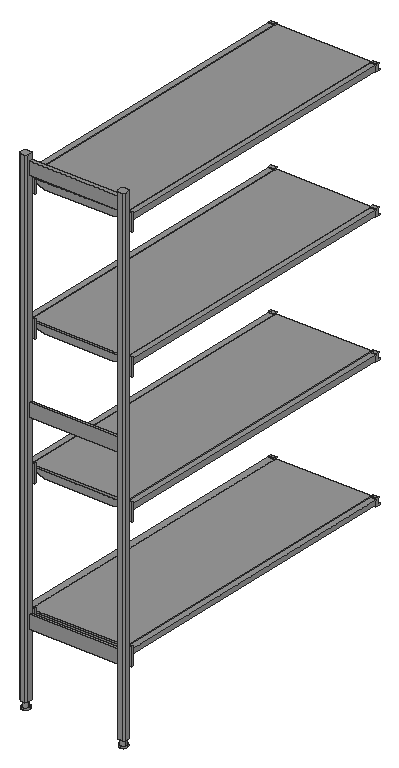
Revit family "QF_ELECTROLUXPROFESSIONAL_137054_ACS1094", category Attrezzature speciali, Revit 2020
Family settings
  Quota connettore circolare = Usa diametro
  Tipo di parte = Normale
  Basato su piano di lavoro = No
  Sempre verticale = Sì
  Taglio con vuoti quando caricato = No
  Condiviso = No
  Punto di calcolo locali = No
Parameters (values of type "Standard")
  Weight = 17.00 kg
  Watts = 0 W
  Volts = 0 V
  URL Manufacturer = "https://www.electroluxprofessional.com/"
  URL = "https://www.electroluxprofessional.com/"
  Steam Supply Size = 0 mm
  Steam Supply Minimum Pressure = 0.0 Pa
  Steam Supply Maximum Pressure = 0.0 Pa
  Steam Consumption per Hour = 0
  Refrigeration Suction Line Size = 0.0 mm
  Refrigeration Liquid Line Size = 0.0 mm
  Refrigerant Compressor Remote = yes
  Prospetto di default = 0.0 mm
  Phase = 0
  Modello = "ACS1094"
  Produttore = "Electrolux Professional"
  Length Actual = 1098.0 mm  # constant formula
  Item Number = "137054"
  Hot Water Size = 0 mm
  Height Actual = 1700.0 mm  # constant formula
  HP = "0 HP"
  Gas Size = 0 mm
  Gas KW = 0
  Gas Input Pressure = 0 W
  Direct Waste Size = 0 mm
  Descrizione = "ALUM.CORNER SHELV.-POLY.TIERS-373X1098MM"
  Depth Actual = 373.0 mm  # constant formula
  Cycle = 0 Hz
  Condensate Return Size = 0 mm
  Compressed Air Volume = 0.0 L/s
  Compressed Air Size = 0 mm
  Compressed Air Pressure = 0.0 Pa
  Cold Water Size = 0 mm
  Accessory = yes
Reference planes
  plane 1: z = 0
  plane 2 "Center (F/B)": y = -163.5
  plane 3 "Front": y = -549.5
  plane 4 "Left": x = -217.5
  plane 5 "Right": x = 155.5
  plane 6 "TOP": z = 1700
  plane 7: y = -517.5
  plane 8: y = 544.5
  plane 9 "Center (Left/Right)": x = -31
  plane 10: y = 539.5
  plane 11: x = -186
  plane 12: x = 124
  plane 13 "FEET": z = 25
  plane 14: z = 275
  plane 15: z = 725
  plane 16: z = 1175
  plane 17: z = 1625
  plane 18 "CXLeft": y = -535.5
  plane 19: x = -200
  plane 20 "CYBack": x = -200
  plane 21 "CYFront": x = 138
  plane 22 "Back": y = 548.5
  plane 23 "LEFT_ORIGIN": x = -251.5
  plane 24 "BACK_Origin": y = 921.5
Forms (mm)
  Extrusion 1, solid, material "QF_Aluminum"
    sketch origin (0, -549.5, 0) x (-1, 0, 0) y (0, 0, 1)
      loop
        line (198.5, 1650.994) -> (198.5, 1632.998) -> (217.5, 1632.998) -> (217.5, 1650.994) -> (198.5, 1650.994)
      loop
        line (-136.5, 1650.994) -> (-155.5, 1650.994) -> (-155.5, 1632.998) -> (-136.5, 1632.998) -> (-136.5, 1650.994)
      loop
        line (198.5, 1200.994) -> (198.5, 1182.998) -> (217.5, 1182.998) -> (217.5, 1200.994) -> (198.5, 1200.994)
      loop
        line (-136.5, 1200.994) -> (-155.5, 1200.994) -> (-155.5, 1182.998) -> (-136.5, 1182.998) -> (-136.5, 1200.994)
      loop
        line (198.5, 750.994) -> (198.5, 732.998) -> (217.5, 732.998) -> (217.5, 750.994) -> (198.5, 750.994)
      loop
        line (-136.5, 750.994) -> (-155.5, 750.994) -> (-155.5, 732.998) -> (-136.5, 732.998) -> (-136.5, 750.994)
      loop
        line (198.5, 300.994) -> (198.5, 282.998) -> (217.5, 282.998) -> (217.5, 300.994) -> (198.5, 300.994)
      loop
        line (-136.5, 300.994) -> (-155.5, 300.994) -> (-155.5, 282.998) -> (-136.5, 282.998) -> (-136.5, 300.994)
    from 32 to 1094
  Extrusion 2, solid, material "QF_Polyethylene"
    sketch origin (0, -549.5, 0) x (-1, 0, 0) y (0, 0, 1)
      loop
        line (196.507, 1650.994) -> (-134.5, 1650.994) -> (-134.5, 1644.496) -> (196.507, 1644.496) -> (196.507, 1650.994)
      loop
        line (196.507, 1200.994) -> (-134.5, 1200.994) -> (-134.5, 1194.496) -> (196.507, 1194.496) -> (196.507, 1200.994)
      loop
        line (196.507, 750.994) -> (-134.5, 750.994) -> (-134.5, 744.496) -> (196.507, 744.496) -> (196.507, 750.994)
      loop
        line (196.507, 300.994) -> (-134.5, 300.994) -> (-134.5, 294.496) -> (196.507, 294.496) -> (196.507, 300.994)
    from 32 to 1094
Lines and regions (mm)
  symbolic lines
    curve 1: line (-198.5, 544.5, 1700) -> (-198.5, -517.5, 1700)
    curve 2: line (-217.5, -521.5, 1700) -> (-217.5, 544.5, 1700)
    curve 3: line (155.5, -521.5, 1700) -> (155.5, 544.5, 1700)
    curve 4: line (-181.507, -517.5, 1700) -> (119.507, -517.5, 1700)
    curve 5: line (136.5, -517.5, 1700) -> (136.5, 544.5, 1700)
    curve 6: line (-198.5, 544.5, 1700) -> (136.5, 544.5, 1700)
Dimensions and locks
  plane 3 "Front" to plane 2 "Center (F/B)" = 386.0 mm
  locked: plane 6 "TOP" to level at 1700
  locked: plane 4 "Left" to plane 5 "Right" at 373
  locked: plane 7 to plane 8 at 1062
  locked: plane 3 "Front" to plane 7 at 32
  plane 10 to plane 8 = 5.0 mm
  locked: plane 11 to plane 12 at 310
  equal spacing: plane 11, plane 9 "Center (Left/Right)", plane 12
  equal spacing: plane 4 "Left", plane 9 "Center (Left/Right)", plane 5 "Right"
  plane 13 "FEET" to level = 25.0 mm
  plane 6 "TOP" to plane 13 "FEET" = 1675.0 mm
  plane 14 to plane 13 "FEET" = 250.0 mm
  plane 15 to plane 14 = 450.0 mm
  plane 16 to plane 15 = 450.0 mm
  plane 17 to plane 16 = 450.0 mm
  locked: plane 3 "Front" to plane 18 "CXLeft" at 14
  locked: plane 3 "Front" to plane 22 "Back" at 1098
  plane 23 "LEFT_ORIGIN" to plane 5 "Right" = 407.0 mm
  locked: plane 22 "Back" to plane 24 "BACK_Origin" at 373
  aligned and locked: level to plane 1
  aligned and locked: Extrusion 2 to plane 7
  aligned and locked: plane 8 to Extrusion 2
  aligned and locked: Extrusion 1 to plane 7
  aligned and locked: plane 8 to Extrusion 1
  aligned and locked: Extrusion 1 sketch curve to Extrusion 1 sketch curve  (x2)
  aligned and locked: nested 1 to plane 18 "CXLeft"
  aligned and locked: nested 2 to plane 10
Automatic sketch dimensions
  curve 2 to plane 4 "Left" = 0.0 mm
  curve 3 to plane 5 "Right" = 0.0 mm
  plane 7 to curve 1 = 0.0 mm
  plane 7 to curve 4 = 0.0 mm
  plane 7 to curve 5 = 0.0 mm
  plane 8 to curve 2 = 0.0 mm
  plane 8 to curve 1 = 0.0 mm
  plane 8 to curve 3 = 0.0 mm
  plane 21 "CYFront" to curve 5 = 1.5 mm
  plane 19 to curve 6 = 1.5 mm
  plane 7 to curve 3 = 4.0 mm
  plane 7 to curve 2 = 4.0 mm
  plane 12 to curve 4 = 4.493 mm
  curve 4 to plane 11 = 4.493 mm
  plane 5 "Right" to Extrusion 1 sketch curve = 0.0 mm  (x4)
  plane 4 "Left" to Extrusion 1 sketch curve = 0.0 mm  (x4)
  plane 21 "CYFront" to Extrusion 1 sketch curve = 1.5 mm  (x2)
  plane 19 to Extrusion 1 sketch curve = 1.5 mm  (x4)
  plane 14 to Extrusion 1 sketch curve = 7.998 mm  (x2)
  Extrusion 1 sketch curve to Extrusion 1 sketch curve = 17.997 mm  (x8)
  plane 15 to Extrusion 1 sketch curve = 7.998 mm  (x2)
  plane 16 to Extrusion 1 sketch curve = 7.998 mm  (x2)
  plane 17 to Extrusion 1 sketch curve = 7.998 mm  (x2)
  plane 21 "CYFront" to Extrusion 2 sketch curve = 3.5 mm  (x4)
  plane 19 to Extrusion 2 sketch curve = 3.493 mm  (x4)
  plane 14 to Extrusion 2 sketch curve = 19.496 mm
  Extrusion 2 sketch curve to Extrusion 2 sketch curve = 6.499 mm  (x4)
  plane 15 to Extrusion 2 sketch curve = 19.496 mm
  plane 16 to Extrusion 2 sketch curve = 19.496 mm
  plane 17 to Extrusion 2 sketch curve = 19.496 mm
Nested families
  nested 1: "WT_Anta373" at (-194.5, -132.5, 0) x (0, 1, 0) z (0, 0, 1), type "WT_Anta373"
  nested 2: "WT_Aggancio373" at (-194.5, 956.5, 0) x (0, 1, 0) z (0, 0, 1), type "WT_Aggancio373"
Definition of nested family "WT_Anta373"
  Parameters
    WidthLeft = A + 64.0 mm  # 772.0 mm
    Width = 1606.0 mm
    Right = WidthLeft / 2  # 386.0 mm
    Default Elevation = 0.0 mm
    Left = -WidthLeft / 2  # -386.0 mm
    Height = 1725.0 mm
    FEET = 25.0 mm
    E = 0.0 mm
    Dint = Depth - 63.0 mm  # 310.0 mm
    Dext = Depth - 8.0 mm  # 365.0 mm
    Depth = 373.0 mm
    DX = (WidthLeft - A) / 2  # 32.0 mm
    B = 798.0 mm
    A = 708.0 mm
  Reference planes
    plane 1: z = 0
    plane 2 "LEFT": x = -417
    plane 3 "BACK": y = 23
    plane 4 "FRONT": y = -350
    plane 5 "TOP": z = 1725
    plane 6 "Center (Front/Back)": y = -163.5
    plane 7: y = -8.5
    plane 8: y = -318.5
    plane 9 "FEET": z = 25
    plane 10: z = 275
    plane 11: z = 725
    plane 12: z = 1175
    plane 13: z = 1625
    plane 14 "CXLeft": x = -403
    plane 15: y = 5.5
    plane 16 "CYBack": y = 5.5
    plane 17 "CYFront": y = -332.5
    plane 18: x = -385.031
    plane 19: x = -380.031
  Forms (mm)
    Extrusion 1, solid
      sketch origin (0, 0, 0) x (1, 0, 0) y (0, 1, 0)
        loop
          line (-417, 13.246) -> (-417, -2.246) -> (-410.746, -8.5) -> (-395.254, -8.5) -> (-389, -2.246) -> (-389, 13.246) -> (-395.254, 19.5) -> (-410.746, 19.5) -> (-417, 13.246)
      from 1725 to 25
    Extrusion 2, solid
      sketch origin (-417, 0, 0) x (0, 1, 0) y (0, 0, 1)
        loop
          line (23, 246.005) -> (23, 307.993) -> (-12.993, 307.993) -> (-12.993, 246.005) -> (23, 246.005)
        loop
          line (-350, 246.005) -> (-314.007, 246.005) -> (-314.007, 307.993) -> (-350, 307.993) -> (-350, 246.005)
        loop
          line (23, 696.005) -> (23, 757.993) -> (-12.993, 757.993) -> (-12.993, 696.005) -> (23, 696.005)
        loop
          line (-350, 696.005) -> (-314.007, 696.005) -> (-314.007, 757.993) -> (-350, 757.993) -> (-350, 696.005)
        loop
          line (23, 1146.005) -> (23, 1207.993) -> (-12.993, 1207.993) -> (-12.993, 1146.005) -> (23, 1146.005)
        loop
          line (-350, 1146.005) -> (-314.007, 1146.005) -> (-314.007, 1207.993) -> (-350, 1207.993) -> (-350, 1146.005)
        loop
          line (23, 1596.005) -> (23, 1657.993) -> (-12.993, 1657.993) -> (-12.993, 1596.005) -> (23, 1596.005)
        loop
          line (-350, 1596.005) -> (-314.007, 1596.005) -> (-314.007, 1657.993) -> (-350, 1657.993) -> (-350, 1596.005)
      from 28 to 32
    Revolve 3, solid
      sketch origin (-403, 0, 0) x (0, 1, 0) y (0, 0, 1)
        loop
          line (5.5, 25) -> (5.5, 0) -> (19, 0) -> (19, 5) -> (14, 5) -> (14, 25) -> (5.5, 25)
        axis (5.5, 25) -> (5.5, 0)
      angle from 0 to 360
    Extrusion 4, solid
      sketch origin (-403, 0, 0) x (0, 1, 0) y (0, 0, 1)
        loop
          line (-8.5, 912.382) -> (-8.5, 957.374) -> (-318.5, 957.374) -> (-318.5, 912.382) -> (-8.5, 912.382)
        loop
          line (-8.5, 1662.244) -> (-8.5, 1707.236) -> (-318.5, 1707.236) -> (-318.5, 1662.244) -> (-8.5, 1662.244)
      from -5 to 5
    Revolve 5, solid
      sketch origin (-403, -627, 0) x (0, -1, 0) y (0, 0, 1)
        loop
          line (-294.5, 25) -> (-294.5, 0) -> (-281, 0) -> (-281, 5) -> (-286, 5) -> (-286, 25) -> (-294.5, 25)
        axis (-294.5, 25) -> (-294.5, 0)
      angle from 0 to 360
    Extrusion 6, solid
      sketch origin (0, -627, 0) x (1, 0, 0) y (0, 1, 0)
        loop
          line (-417, 286.754) -> (-410.746, 280.5) -> (-395.254, 280.5) -> (-389, 286.754) -> (-389, 302.246) -> (-395.254, 308.5) -> (-410.746, 308.5) -> (-417, 302.246) -> (-417, 286.754)
      from 1725 to 25
    Extrusion 7, solid
      sketch origin (-417.031, -0.022, 0) x (0, 1, 0) y (0, 0, -1)
        loop
          line (-12, -1632.998) -> (-46, -1620.994) -> (-281, -1620.994) -> (-315, -1632.998) -> (-331, -1632.998) -> (-331, -1650.994) -> (-329, -1650.994) -> (-329, -1644.496) -> (2.007, -1644.496) -> (2.007, -1650.994) -> (4, -1650.994) -> (4, -1632.998) -> (-12, -1632.998)
        loop
          line (-12, -1182.998) -> (-46, -1170.994) -> (-281, -1170.994) -> (-315, -1182.998) -> (-331, -1182.998) -> (-331, -1200.994) -> (-329, -1200.994) -> (-329, -1194.496) -> (2.007, -1194.496) -> (2.007, -1200.994) -> (4, -1200.994) -> (4, -1182.998) -> (-12, -1182.998)
        loop
          line (-12, -732.998) -> (-46, -720.994) -> (-281, -720.994) -> (-315, -732.998) -> (-331, -732.998) -> (-331, -750.994) -> (-329, -750.994) -> (-329, -744.496) -> (2.007, -744.496) -> (2.007, -750.994) -> (4, -750.994) -> (4, -732.998) -> (-12, -732.998)
        loop
          line (-12, -282.998) -> (-46, -270.994) -> (-281, -270.994) -> (-315, -282.998) -> (-331, -282.998) -> (-331, -300.994) -> (-329, -300.994) -> (-329, -294.496) -> (2.007, -294.496) -> (2.007, -300.994) -> (4, -300.994) -> (4, -282.998) -> (-12, -282.998)
      from -32 to -37
    Extrusion 8, solid
      sketch origin (-403, 0, -659.878) x (0, 1, 0) y (0, 0, 1)
        loop
          line (-8.5, 912.382) -> (-8.5, 957.374) -> (-318.5, 957.374) -> (-318.5, 912.382) -> (-8.5, 912.382)
        loop
          line (-8.5, 1572.382) -> (-8.5, 1617.374) -> (-318.5, 1617.374) -> (-318.5, 1572.382) -> (-8.5, 1572.382)
        loop
          line (-8.5, 2322.382) -> (-8.5, 2367.374) -> (-318.5, 2367.374) -> (-318.5, 2322.382) -> (-8.5, 2322.382)
      from -5 to 5
  Lines and regions (mm)
    symbolic lines
      curve 1: line (-408, -8.5, 1725) -> (-408, -318.5, 1725)
      curve 2: line (-398, -318.5, 1725) -> (-398, -8.5, 1725)
      curve 3: line (-395.254, -8.5, 1725) -> (-410.746, -8.5, 1725)
      curve 4: line (-417, -2.246, 1725) -> (-410.746, -8.5, 1725)
      curve 5: line (-417, 13.246, 1725) -> (-417, -2.246, 1725)
      curve 6: line (-410.746, 19.5, 1725) -> (-417, 13.246, 1725)
      curve 7: line (-395.254, 19.5, 1725) -> (-410.746, 19.5, 1725)
      curve 8: line (-389, 13.246, 1725) -> (-395.254, 19.5, 1725)
      curve 9: line (-395.254, -8.5, 1725) -> (-389, -2.246, 1725)
      curve 10: line (-395.254, -318.5, 1725) -> (-410.746, -318.5, 1725)
      curve 11: line (-417, -324.754, 1725) -> (-410.746, -318.5, 1725)
      curve 12: line (-410.746, -346.5, 1725) -> (-417, -340.246, 1725)
      curve 13: line (-395.254, -346.5, 1725) -> (-410.746, -346.5, 1725)
      curve 14: line (-389, -340.246, 1725) -> (-395.254, -346.5, 1725)
      curve 15: line (-395.254, -318.5, 1725) -> (-389, -324.754, 1725)
      curve 16: line (-389, -350, 1725) -> (-389, -314.007, 1725)
      curve 17: line (-389, -314.007, 1725) -> (-385, -314.007, 1725)
      curve 18: line (-389, 23, 1725) -> (-389, -12.993, 1725)
      curve 19: line (-389, -12.993, 1725) -> (-385, -12.993, 1725)
      curve 20: line (-417, -324.754, 1725) -> (-417, -340.246, 1725)
      curve 21: line (-385, -350, 1725) -> (-385, -314.007, 1725)
      curve 22: line (-385, -350, 1725) -> (-389, -350, 1725)
      curve 23: line (-385, 23, 1725) -> (-389, 23, 1725)
      curve 24: line (-385, -12.993, 1725) -> (-385, 23, 1725)
      curve 25: line (-385.031, -13.016, 1725) -> (-385.031, -314.029, 1725)
  Dimensions and locks
    "Height": plane 5 "TOP" to level
    "Depth": plane 3 "BACK" to plane 4 "FRONT"
    "Dint": plane 7 to plane 8
    equal spacing: plane 7, plane 6 "Center (Front/Back)", plane 8
    equal spacing: plane 3 "BACK", plane 6 "Center (Front/Back)", plane 4 "FRONT"
    plane 9 "FEET" to level = 25.0 mm
    plane 5 "TOP" to plane 9 "FEET" = 1700.0 mm
    plane 10 to plane 9 "FEET" = 250.0 mm
    plane 11 to plane 10 = 450.0 mm
    plane 12 to plane 11 = 450.0 mm
    plane 13 to plane 12 = 450.0 mm
    locked: plane 2 "LEFT" to plane 14 "CXLeft" at 14
    locked: plane 3 "BACK" to plane 16 "CYBack" at 17.5
    locked: plane 17 "CYFront" to plane 4 "FRONT" at 17.5
    locked: Revolve 3 sketch curve to Revolve 3 sketch curve at 8.5
    locked: Revolve 3 sketch curve to plane 16 "CYBack" at 13.5
    locked: Revolve 5 sketch curve to Revolve 5 sketch curve at 8.5
    aligned and locked: level to plane 1
    aligned and locked: curve 20 to Extrusion 6
    aligned and locked: plane 5 "TOP" to Extrusion 1
    aligned and locked: plane 5 "TOP" to Extrusion 6
    aligned and locked: Extrusion 7 sketch curve to Extrusion 7 sketch curve  (x3)
  Automatic sketch dimensions
    curve 16 to plane 4 "FRONT" = 0.0 mm
    curve 11 to plane 8 = 0.0 mm
    curve 9 to plane 7 = 0.0 mm
    curve 5 to plane 2 "LEFT" = 0.0 mm
    curve 23 to plane 3 "BACK" = 0.0 mm
    plane 4 "FRONT" to curve 13 = 3.5 mm
    curve 20 to plane 17 "CYFront" = 7.746 mm
    curve 20 to plane 8 = 6.254 mm
    plane 8 to curve 16 = 4.493 mm
    curve 24 to plane 18 = 0.031 mm
    curve 24 to plane 7 = 4.493 mm
    plane 7 to curve 5 = 6.254 mm
    curve 5 to plane 15 = 7.746 mm
    curve 6 to plane 3 "BACK" = 3.5 mm
    curve 21 to plane 18 = 0.031 mm
    plane 18 to curve 23 = 3.969 mm
    plane 18 to curve 16 = 3.969 mm
    curve 18 to curve 8 = 6.254 mm
    curve 18 to curve 3 = 6.254 mm
    curve 16 to curve 13 = 6.254 mm
    curve 16 to curve 15 = 6.254 mm
    plane 2 "LEFT" to curve 10 = 6.254 mm
    plane 2 "LEFT" to curve 7 = 6.254 mm
    plane 2 "LEFT" to curve 12 = 6.254 mm
    plane 2 "LEFT" to curve 3 = 6.254 mm
    curve 14 to plane 17 "CYFront" = 7.746 mm
    curve 15 to plane 8 = 6.254 mm
    plane 7 to curve 9 = 6.254 mm
    curve 8 to plane 15 = 7.746 mm
    curve 3 to curve 2 = 2.746 mm
    curve 1 to curve 10 = 2.746 mm
    Extrusion 1 sketch curve to plane 2 "LEFT" = 0.0 mm
    Extrusion 1 sketch curve to plane 7 = 0.0 mm
    plane 2 "LEFT" to Extrusion 1 sketch curve = 6.254 mm  (x2)
    plane 14 "CXLeft" to Extrusion 1 sketch curve = 7.746 mm  (x2)
    Extrusion 1 sketch curve to plane 3 "BACK" = 3.5 mm
    plane 18 to Extrusion 1 sketch curve = 3.969 mm
    plane 7 to Extrusion 1 sketch curve = 6.254 mm  (x2)
    Extrusion 1 sketch curve to plane 15 = 7.746 mm  (x2)
    Extrusion 2 sketch curve to plane 4 "FRONT" = 0.0 mm  (x4)
    Extrusion 2 sketch curve to plane 3 "BACK" = 0.0 mm  (x4)
    plane 8 to Extrusion 2 sketch curve = 4.493 mm  (x4)
    Extrusion 2 sketch curve to plane 7 = 4.493 mm  (x4)
    Extrusion 2 sketch curve to plane 10 = 28.995 mm  (x2)
    plane 10 to Extrusion 2 sketch curve = 32.993 mm  (x2)
    Extrusion 2 sketch curve to plane 11 = 28.995 mm  (x2)
    plane 11 to Extrusion 2 sketch curve = 32.993 mm  (x2)
    Extrusion 2 sketch curve to plane 12 = 28.995 mm  (x2)
    plane 12 to Extrusion 2 sketch curve = 32.993 mm  (x2)
    Extrusion 2 sketch curve to plane 13 = 28.995 mm  (x2)
    plane 13 to Extrusion 2 sketch curve = 32.993 mm  (x2)
    Revolve 3 sketch curve to plane 9 "FEET" = 0.0 mm  (x2)
    Revolve 3 sketch curve to plane 15 = 0.0 mm  (x2)
    Revolve 3 sketch curve to level = 0.0 mm
    level to Revolve 3 sketch curve = 5.0 mm
    Revolve 3 sketch curve to Revolve 3 sketch curve = 11.655 mm
    Extrusion 4 sketch curve to plane 8 = 0.0 mm  (x2)
    Extrusion 4 sketch curve to plane 7 = 0.0 mm  (x2)
    plane 11 to Extrusion 4 sketch curve = 187.382 mm
    Extrusion 4 sketch curve to Extrusion 4 sketch curve = 44.992 mm
    plane 13 to Extrusion 4 sketch curve = 37.244 mm
    Extrusion 4 sketch curve to plane 5 "TOP" = 17.764 mm
    Revolve 5 sketch curve to plane 9 "FEET" = 0.0 mm  (x2)
    Revolve 5 sketch curve to plane 17 "CYFront" = 0.0 mm  (x2)
    Revolve 5 sketch curve to level = 0.0 mm
    Revolve 5 sketch curve to plane 4 "FRONT" = 4.0 mm
    Revolve 5 sketch curve to Revolve 5 sketch curve = 5.0 mm
    level to Revolve 5 sketch curve = 11.655 mm
    Extrusion 6 sketch curve to plane 2 "LEFT" = 0.0 mm
    Extrusion 6 sketch curve to plane 8 = 0.0 mm
    Extrusion 6 sketch curve to plane 2 "LEFT" = 6.254 mm  (x2)
    Extrusion 6 sketch curve to plane 14 "CXLeft" = 7.746 mm  (x2)
    Extrusion 6 sketch curve to plane 4 "FRONT" = 3.5 mm
    Extrusion 6 sketch curve to plane 18 = 3.969 mm
    plane 8 to Extrusion 6 sketch curve = 6.254 mm  (x2)
    plane 17 "CYFront" to Extrusion 6 sketch curve = 7.746 mm  (x2)
    plane 17 "CYFront" to Extrusion 7 sketch curve = 1.478 mm  (x4)
    Extrusion 7 sketch curve to Extrusion 7 sketch curve = 2.0 mm
    plane 8 to Extrusion 7 sketch curve = 3.478 mm  (x4)
    Extrusion 7 sketch curve to plane 10 = 4.006 mm
    Extrusion 7 sketch curve to Extrusion 7 sketch curve = 34.0 mm  (x4)
    Extrusion 7 sketch curve to plane 11 = 4.006 mm
    Extrusion 7 sketch curve to plane 12 = 4.006 mm
    Extrusion 7 sketch curve to plane 13 = 4.006 mm
    Extrusion 7 sketch curve to plane 7 = 37.522 mm  (x4)
    Extrusion 7 sketch curve to plane 7 = 3.522 mm  (x4)
    plane 15 to Extrusion 7 sketch curve = 3.516 mm  (x4)
    plane 15 to Extrusion 7 sketch curve = 1.522 mm  (x4)
    plane 13 to Extrusion 7 sketch curve = 7.998 mm  (x2)
    Extrusion 7 sketch curve to Extrusion 7 sketch curve = 11.498 mm
    Extrusion 7 sketch curve to Extrusion 7 sketch curve = 6.499 mm  (x5)
    plane 12 to Extrusion 7 sketch curve = 25.994 mm  (x2)
    plane 12 to Extrusion 7 sketch curve = 7.998 mm  (x2)
    plane 11 to Extrusion 7 sketch curve = 25.994 mm  (x2)
    plane 11 to Extrusion 7 sketch curve = 7.998 mm  (x2)
    plane 10 to Extrusion 7 sketch curve = 25.994 mm  (x2)
    plane 10 to Extrusion 7 sketch curve = 7.998 mm  (x2)
    curve 25 to plane 18 = 0.0 mm
    plane 8 to curve 25 = 4.471 mm
    curve 25 to plane 7 = 4.516 mm
    Extrusion 8 sketch curve to plane 8 = 0.0 mm  (x3)
    Extrusion 8 sketch curve to plane 7 = 0.0 mm  (x3)
    Extrusion 8 sketch curve to plane 10 = 22.496 mm
    plane 10 to Extrusion 8 sketch curve = 22.496 mm
    plane 11 to Extrusion 8 sketch curve = 187.504 mm
    Extrusion 8 sketch curve to Extrusion 8 sketch curve = 44.992 mm
    plane 13 to Extrusion 8 sketch curve = 37.504 mm
    Extrusion 8 sketch curve to plane 5 "TOP" = 17.504 mm
Definition of nested family "WT_Aggancio373"
  Parameters
    WidthLeft = A + 64.0 mm  # 772.0 mm
    Width = 1606.0 mm
    Right = WidthLeft / 2  # 386.0 mm
    Default Elevation = 0.0 mm
    Left = -WidthLeft / 2  # -386.0 mm
    Height = 1725.0 mm
    FEET = 25.0 mm
    E = 0.0 mm
    Dint = Depth - 63.0 mm  # 310.0 mm
    Dext = Depth - 8.0 mm  # 365.0 mm
    Depth = 373.0 mm
    DX = (WidthLeft - A) / 2  # 32.0 mm
    B = 798.0 mm
    A = 708.0 mm
  Reference planes
    plane 1: z = 0
    plane 2 "LEFT": x = -417
    plane 3 "BACK": y = 23
    plane 4 "FRONT": y = -350
    plane 5 "TOP": z = 1725
    plane 6 "Center (Front/Back)": y = -163.5
    plane 7: y = -8.5
    plane 8: y = -318.5
    plane 9 "FEET": z = 25
    plane 10: z = 275
    plane 11: z = 725
    plane 12: z = 1175
    plane 13: z = 1625
    plane 14: y = 5.5
    plane 15 "CYBack": y = 5.5
    plane 16 "CYFront": y = -332.5
  Forms (mm)
    Extrusion 1, solid
      sketch origin (-380, -0.022, 0) x (0, 1, 0) y (0, 0, 1)
        loop
          line (-12, 1632.998) -> (4, 1632.998) -> (4, 1650.994) -> (2.007, 1650.994) -> (2.007, 1644.496) -> (-329, 1644.496) -> (-329, 1650.994) -> (-331, 1650.994) -> (-331, 1632.998) -> (-315, 1632.998) -> (-281, 1620.994) -> (-46, 1620.994) -> (-12, 1632.998)
        loop
          line (-12, 1182.998) -> (4, 1182.998) -> (4, 1200.994) -> (2.007, 1200.994) -> (2.007, 1194.496) -> (-329, 1194.496) -> (-329, 1200.994) -> (-331, 1200.994) -> (-331, 1182.998) -> (-315, 1182.998) -> (-281, 1170.994) -> (-46, 1170.994) -> (-12, 1182.998)
        loop
          line (-12, 732.998) -> (4, 732.998) -> (4, 750.994) -> (2.007, 750.994) -> (2.007, 744.496) -> (-329, 744.496) -> (-329, 750.994) -> (-331, 750.994) -> (-331, 732.998) -> (-315, 732.998) -> (-281, 720.994) -> (-46, 720.994) -> (-12, 732.998)
        loop
          line (-12, 282.998) -> (4, 282.998) -> (4, 300.994) -> (2.007, 300.994) -> (2.007, 294.496) -> (-329, 294.496) -> (-329, 300.994) -> (-331, 300.994) -> (-331, 282.998) -> (-315, 282.998) -> (-281, 270.994) -> (-46, 270.994) -> (-12, 282.998)
      from -32 to -37
    Extrusion 2, solid
      sketch origin (-793.062, -324.754, 6.5) x (1, 0, 0) y (0, 0, 1)
        loop
          line (385.062, 1644.496) -> (385.062, 1647.496) -> (376.062, 1647.496) -> (376.062, 1620.994) -> (390.031, 1620.994) -> (390.031, 1626.496) -> (381.062, 1626.496) -> (381.062, 1644.496) -> (385.062, 1644.496)
        loop
          line (385.062, 1194.496) -> (385.062, 1197.496) -> (376.062, 1197.496) -> (376.062, 1170.994) -> (390.031, 1170.994) -> (390.031, 1176.496) -> (381.062, 1176.496) -> (381.062, 1194.496) -> (385.062, 1194.496)
        loop
          line (385.062, 744.496) -> (385.062, 747.496) -> (376.062, 747.496) -> (376.062, 720.994) -> (390.031, 720.994) -> (390.031, 726.496) -> (381.062, 726.496) -> (381.062, 744.496) -> (385.062, 744.496)
        loop
          line (385.062, 294.496) -> (385.062, 297.496) -> (376.062, 297.496) -> (376.062, 270.994) -> (390.031, 270.994) -> (390.031, 276.496) -> (381.062, 276.496) -> (381.062, 294.496) -> (385.062, 294.496)
      from 6.268 to 25.246
    Extrusion 3, solid
      sketch origin (-793.062, 32.754, 6.5) x (1, 0, 0) y (0, 0, 1)
        loop
          line (385.062, 1644.496) -> (385.062, 1647.496) -> (376.062, 1647.496) -> (376.062, 1620.994) -> (390.031, 1620.994) -> (390.031, 1626.496) -> (381.062, 1626.496) -> (381.062, 1644.496) -> (385.062, 1644.496)
        loop
          line (385.062, 1194.496) -> (385.062, 1197.496) -> (376.062, 1197.496) -> (376.062, 1170.994) -> (390.031, 1170.994) -> (390.031, 1176.496) -> (381.062, 1176.496) -> (381.062, 1194.496) -> (385.062, 1194.496)
        loop
          line (385.062, 744.496) -> (385.062, 747.496) -> (376.062, 747.496) -> (376.062, 720.994) -> (390.031, 720.994) -> (390.031, 726.496) -> (381.062, 726.496) -> (381.062, 744.496) -> (385.062, 744.496)
        loop
          line (385.062, 294.496) -> (385.062, 297.496) -> (376.062, 297.496) -> (376.062, 270.994) -> (390.031, 270.994) -> (390.031, 276.496) -> (381.062, 276.496) -> (381.062, 294.496) -> (385.062, 294.496)
      from 9.754 to 28.776
  Lines and regions (mm)
    symbolic lines
      curve 1: line (-412, -350, 0) -> (-408, -350, 0)
      curve 2: line (-412, -331.022, 0) -> (-412, -350, 0)
      curve 3: line (-408, -331.022, 0) -> (-412, -331.022, 0)
      curve 4: line (-408, -350, 0) -> (-408, -331.022, 0)
      curve 5: line (-412, 3.978, 0) -> (-408, 3.978, 0)
      curve 6: line (-412, 23, 0) -> (-412, 3.978, 0)
      curve 7: line (-408, 23, 0) -> (-412, 23, 0)
      curve 8: line (-408, 3.978, 0) -> (-408, 23, 0)
  Dimensions and locks
    "Height": plane 5 "TOP" to level
    "Depth": plane 3 "BACK" to plane 4 "FRONT"
    "Dint": plane 7 to plane 8
    equal spacing: plane 7, plane 6 "Center (Front/Back)", plane 8
    equal spacing: plane 3 "BACK", plane 6 "Center (Front/Back)", plane 4 "FRONT"
    plane 9 "FEET" to level = 25.0 mm
    plane 5 "TOP" to plane 9 "FEET" = 1700.0 mm
    plane 10 to plane 9 "FEET" = 250.0 mm
    plane 11 to plane 10 = 450.0 mm
    plane 12 to plane 11 = 450.0 mm
    plane 13 to plane 12 = 450.0 mm
    locked: plane 3 "BACK" to plane 15 "CYBack" at 17.5
    locked: plane 16 "CYFront" to plane 4 "FRONT" at 17.5
    aligned and locked: level to plane 1
    aligned and locked: Extrusion 1 sketch curve to Extrusion 1 sketch curve  (x3)
  Automatic sketch dimensions
    plane 16 "CYFront" to Extrusion 1 sketch curve = 1.478 mm  (x4)
    Extrusion 1 sketch curve to Extrusion 1 sketch curve = 2.0 mm
    plane 8 to Extrusion 1 sketch curve = 3.478 mm  (x4)
    Extrusion 1 sketch curve to plane 10 = 4.006 mm
    Extrusion 1 sketch curve to Extrusion 1 sketch curve = 34.0 mm  (x4)
    Extrusion 1 sketch curve to plane 11 = 4.006 mm
    Extrusion 1 sketch curve to plane 12 = 4.006 mm
    Extrusion 1 sketch curve to plane 13 = 4.006 mm
    Extrusion 1 sketch curve to plane 7 = 37.522 mm  (x4)
    Extrusion 1 sketch curve to plane 7 = 3.522 mm  (x4)
    plane 14 to Extrusion 1 sketch curve = 3.516 mm  (x4)
    plane 14 to Extrusion 1 sketch curve = 1.522 mm  (x4)
    plane 10 to Extrusion 1 sketch curve = 7.998 mm  (x2)
    Extrusion 1 sketch curve to Extrusion 1 sketch curve = 11.498 mm  (x4)
    Extrusion 1 sketch curve to Extrusion 1 sketch curve = 6.499 mm  (x8)
    plane 11 to Extrusion 1 sketch curve = 7.998 mm  (x2)
    plane 12 to Extrusion 1 sketch curve = 7.998 mm  (x2)
    plane 13 to Extrusion 1 sketch curve = 7.998 mm  (x2)
    plane 2 "LEFT" to Extrusion 2 sketch curve = 0.0 mm  (x4)
    plane 13 to Extrusion 2 sketch curve = 7.996 mm
    plane 11 to Extrusion 2 sketch curve = 7.996 mm
    Extrusion 2 sketch curve to Extrusion 2 sketch curve = 5.0 mm  (x4)
    plane 11 to Extrusion 2 sketch curve = 2.494 mm
    plane 10 to Extrusion 2 sketch curve = 28.996 mm
    Extrusion 2 sketch curve to Extrusion 2 sketch curve = 3.0 mm  (x4)
    plane 10 to Extrusion 2 sketch curve = 7.996 mm
    plane 10 to Extrusion 2 sketch curve = 2.494 mm
    Extrusion 2 sketch curve to Extrusion 2 sketch curve = 18.0 mm  (x3)
    plane 12 to Extrusion 2 sketch curve = 2.494 mm
    plane 12 to Extrusion 2 sketch curve = 7.996 mm
    plane 13 to Extrusion 2 sketch curve = 2.494 mm
    plane 2 "LEFT" to Extrusion 3 sketch curve = 0.0 mm  (x4)
    plane 13 to Extrusion 3 sketch curve = 7.996 mm
    plane 11 to Extrusion 3 sketch curve = 7.996 mm
    Extrusion 3 sketch curve to Extrusion 3 sketch curve = 5.0 mm  (x4)
    plane 11 to Extrusion 3 sketch curve = 2.494 mm
    plane 10 to Extrusion 3 sketch curve = 28.996 mm
    Extrusion 3 sketch curve to Extrusion 3 sketch curve = 3.0 mm  (x4)
    plane 10 to Extrusion 3 sketch curve = 7.996 mm
    plane 10 to Extrusion 3 sketch curve = 2.494 mm
    Extrusion 3 sketch curve to Extrusion 3 sketch curve = 18.0 mm  (x3)
    plane 12 to Extrusion 3 sketch curve = 2.494 mm
    plane 12 to Extrusion 3 sketch curve = 7.996 mm
    plane 13 to Extrusion 3 sketch curve = 2.494 mm
    plane 2 "LEFT" to curve 1 = 5.0 mm
    plane 2 "LEFT" to curve 7 = 5.0 mm
    curve 1 to plane 16 "CYFront" = 17.5 mm
    curve 3 to plane 8 = 12.522 mm
    plane 7 to curve 5 = 12.478 mm
    curve 7 to plane 14 = 17.5 mm
    curve 5 to curve 5 = 4.0 mm
    curve 1 to curve 4 = 4.0 mm
    Extrusion 2 sketch curve to Extrusion 2 sketch curve = 4.0 mm  (x4)
    Extrusion 2 sketch curve to Extrusion 2 sketch curve = 8.969 mm  (x4)
    Extrusion 3 sketch curve to Extrusion 3 sketch curve = 4.0 mm  (x4)
    Extrusion 3 sketch curve to Extrusion 3 sketch curve = 8.969 mm  (x4)
